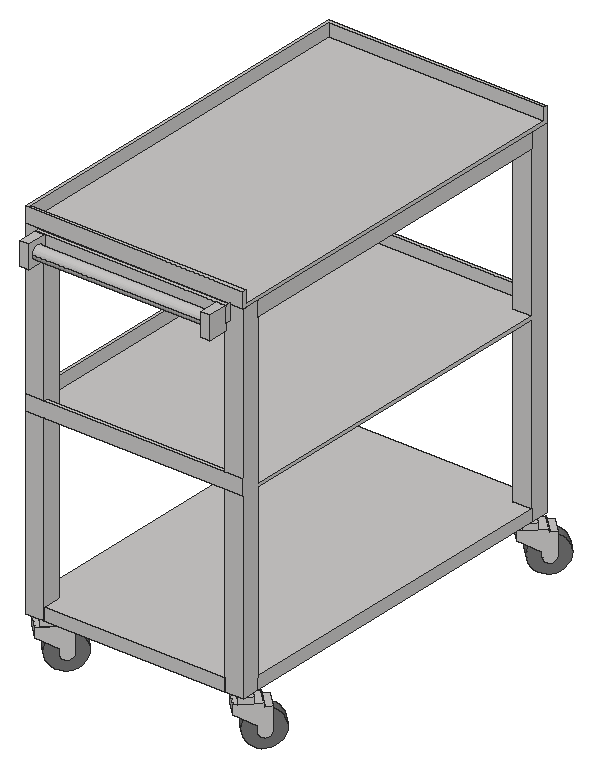
Revit family "QF_Vollrath_97126", category Specialty Equipment, Revit 2016
Family settings
  Part Type = Normal
  Round Connector Dimension = Use Diameter
  OmniClass Number = 23.40.40.14.17
  OmniClass Title = Food Cooking Equipment
  Work Plane-Based = No
  Always vertical = Yes
  Cut with Voids When Loaded = No
  Shared = No
  Room Calculation Point = No
Parameters (values of type "97126")
  Width [instance] = 17.75"
  Weight in Pounds = 43.25
  Watermarked By = "http://revitwatermark.com"
  URL Cutsheet = ""
  URL = ""
  Status [instance] = ""
  Specification by User [instance] = ""
  Specification by Manufacturer [instance] = ""
  Serial Number [instance] = ""
  Seismic Rating [instance] = ""
  Revision Code [instance] = ""
  NAFEM Spec ID Number [instance] = ""
  Model = "97126"
  Masterspec = ""
  Manufacturer = "Vollrath"
  Item Number [instance] = "-"
  Installed By [instance] = ""
  Identify Quantity as Lot [instance] = no
  Furnished By [instance] = ""
  Foodservice Equipment Identifier [instance] = yes
  Description = "Cart, Utility"
  Depth [instance] = 39.25"
  CSI MasterFormat = "11 48 13"
  Assembly Code = "E1090320"
Reference planes (in)
  plane 1 "BACK": y = -4.62
  plane 2: z = 0
  plane 3 "LEFT": x = 0
  plane 4 "RIGHT": x = 17.75
  plane 5 "--": y = -35.5
  plane 6: z = 4
  plane 7: z = 5
  plane 8: x = 1.5
  plane 9: y = -6.12
  plane 10: x = 16.25
  plane 11: y = -34
  plane 12: y = -20.06
  plane 13 "TOP": z = 33.75
  plane 14: x = 0.75
  plane 15 "FRONT": y = -37.47
  plane 16: z = 18.81
  plane 17: z = 20.06
  plane 18: x = 8.875
Forms (in)
  Extrusion 1, solid, material "QF_Finishes_Stainless Steel"
    sketch origin (0, 0, 16.75) x (-1, 0, 0) y (0, -1, 0)
      loop
        line (-1.5, 4.62) -> (-1.5, 6.12) -> (0, 6.12) -> (0, 34) -> (-1.5, 34) -> (-1.5, 35.5) -> (-16.25, 35.5) -> (-16.25, 34) -> (-17.75, 34) -> (-17.75, 6.12) -> (-16.25, 6.12) -> (-16.25, 4.62) -> (-1.5, 4.62)
    from -12.75 to -11.75
  Extrusion 2, solid, material "QF_Finishes_Stainless Steel"
    sketch origin (0, 0, 27.49) x (-1, 0, 0) y (0, -1, 0)
      loop
        line (-1.5, 35.5) -> (-16.25, 35.5) -> (-16.25, 34) -> (-17.75, 34) -> (-17.75, 6.12) -> (-16.25, 6.12) -> (-16.25, 4.62) -> (-1.5, 4.62) -> (-1.5, 6.12) -> (0, 6.12) -> (0, 34) -> (-1.5, 34) -> (-1.5, 35.5)
    from 3.76 to 5.01
  Sweep 3, solid, material "QF_Finishes_Stainless Steel"
    path origin (0, 0, 0) x (1, 0, 0) y (0, 1, 0)
      loop
        line (17.75, -35.5) -> (0, -35.5) -> (0, -4.62) -> (17.75, -4.62)
    profile origin (8.875, -4.62, 0) x (0, 1, 0) y (0, 0, 1)
      loop
        line (-2, 32.5) -> (0, 32.5) -> (0, 33.75) -> (-0.25, 33.75) -> (-0.25, 32.75) -> (-2, 32.75) -> (-2, 32.5)
  Extrusion 4, solid, material "QF_Finishes_Stainless Steel"
    sketch origin (0, 0, 17.87) x (-1, 0, 0) y (0, -1, 0)
      loop
        line (-1.5, 6.12) -> (-1.5, 34) -> (-17.75, 34) -> (-17.75, 6.12) -> (-1.5, 6.12)
    from 14.63 to 14.88
  Extrusion 5, solid, material "QF_Finishes_Stainless Steel"
    sketch origin (14, 0, 16.75) x (-1, 0, 0) y (0, -1, 0)
      loop
        line (-2.25, 4.62) -> (-2.25, 6.12) -> (-3.75, 6.12) -> (-3.75, 4.62) -> (-2.25, 4.62)
    from -12.75 to 15.75
  Extrusion 6, solid, material "QF_Finishes_Stainless Steel"
    sketch origin (0, -26.05109, 16.75) x (-1, 0, 0) y (0, -1, 0)
      loop
        line (0, 7.94) -> (0, 9.44) -> (-1.5, 9.44) -> (-1.5, 7.94) -> (0, 7.94)
    from -12.75 to 15.75
  Extrusion 7, solid, material "QF_Finishes_Stainless Steel"
    sketch origin (14, -26.05109, 16.75) x (-1, 0, 0) y (0, -1, 0)
      loop
        line (-2.25, 7.94) -> (-2.25, 9.44) -> (-3.75, 9.44) -> (-3.75, 7.94) -> (-2.25, 7.94)
    from -12.75 to 15.75
  Sweep 8, solid, material "QF_Finishes_Stainless Steel"
    path origin (0, 0, -12.57) x (1, 0, 0) y (0, 1, 0)
      loop
        line (17.75, -35.5) -> (0, -35.5) -> (0, -4.62) -> (17.75, -4.62)
    profile origin (8.875, -4.62, -12.57) x (0, 1, 0) y (0, 0, 1)
      loop
        line (-2, 31.38) -> (0, 31.38) -> (0, 32.63) -> (-0.25, 32.63) -> (-0.25, 31.63) -> (-2, 31.63) -> (-2, 31.38)
  Extrusion 9, solid, material "QF_Finishes_Stainless Steel"
    sketch origin (0, 0, 17.31) x (-1, 0, 0) y (0, -1, 0)
      loop
        line (-0.25, 4.87) -> (-0.25, 35.25) -> (-17.75, 35.25) -> (-17.75, 4.87) -> (-0.25, 4.87)
    from 1.75 to 1.5
  Extrusion 10, solid, material "QF_Finishes_Stainless Steel"
    sketch origin (0, 0, 16.75) x (-1, 0, 0) y (0, -1, 0)
      loop
        line (0, 4.62) -> (0, 6.12) -> (-1.5, 6.12) -> (-1.5, 4.62) -> (0, 4.62)
    from -12.75 to 15.75
  Extrusion 11, solid, material "QF_Finishes_Stainless Steel"
    sketch origin (1.125, -3.38, 1.11535) x (0, 1, 0) y (0, 0, 1)
      loop
        line (-32.12, 31.38) -> (-32.49962, 31.38) -> (-32.49962, 30.13) -> (-32.12, 30.13) -> (-32.12, 31.38)
    from 0 to 15.5
  Extrusion 12, solid, material "QF_Finishes_Stainless Steel"
    sketch origin (1.125, -3.38, 1.11535) x (0, 1, 0) y (0, 0, 1)
      loop
        line (-32.49962, 31.38) -> (-34.09, 31.38) -> (-34.09, 29.51992) -> (-32.49962, 29.51992) -> (-32.49962, 31.38)
    from 0 to 0.75
  Extrusion 13, solid, material "QF_Finishes_Stainless Steel"
    sketch origin (16.625, -3.38, 1.11535) x (0, 1, 0) y (0, 0, -1)
      loop
        line (-32.49962, -31.38) -> (-32.49962, -29.51992) -> (-34.09, -29.51992) -> (-34.09, -31.38) -> (-32.49962, -31.38)
    from 0 to 0.75
  Extrusion 14, solid, material "QF_Finishes_Stainless Steel"
    sketch origin (1.125, -3.38, 1.11535) x (0, 1, 0) y (0, 0, 1)
      loop
        circle (-33.32708, 30.51019) r 0.5
    from 0.75 to 14.75
Cuts and joins
  joined: Sweep 3, Extrusion 4
  joined: Extrusion 5, Extrusion 6, Extrusion 7, Sweep 8, Extrusion 9, Extrusion 10
Lines and regions (in)
  symbolic lines
    curve 1: line (0, -4.62, 16.75) -> (0, -35.49109, 16.75)
    curve 2: line (17.75, -4.62, 16.75) -> (0, -4.62, 16.75)
    curve 3: line (0, -35.49109, 16.75) -> (1.5, -35.49109, 16.75)
    curve 4: line (16.625, -35.5, 16.75) -> (1.125, -35.5, 16.75)
    curve 5: line (16.25, -35.49109, 16.75) -> (17.75, -35.49109, 16.75)
    curve 6: line (17.75, -35.49109, 16.75) -> (17.75, -4.62, 16.75)
    curve 7: line (16.625, -37.47, 16.75) -> (16.625, -35.87962, 16.75)
    curve 8: line (16.625, -35.87962, 16.75) -> (16.625, -35.5, 16.75)
    curve 9: line (15.875, -35.87962, 16.75) -> (15.875, -37.47, 16.75)
    curve 10: line (15.875, -37.47, 16.75) -> (16.625, -37.47, 16.75)
    curve 11: line (1.125, -35.87962, 16.75) -> (16.625, -35.87962, 16.75)
    curve 12: line (1.875, -37.47, 16.75) -> (1.875, -35.87962, 16.75)
    curve 13: line (1.125, -35.87962, 16.75) -> (1.125, -37.47, 16.75)
    curve 14: line (1.125, -35.5, 16.75) -> (1.125, -35.87962, 16.75)
    curve 15: line (1.125, -37.47, 16.75) -> (1.875, -37.47, 16.75)
    curve 16: line (15.875, -37.22, 16.75) -> (1.875, -37.22, 16.75)
    curve 17: line (17.75, -4.87, 16.75) -> (0.25, -4.87, 16.75)
    curve 18: line (0.25, -4.87, 16.75) -> (0.25, -35.25, 16.75)
    curve 19: line (0.25, -35.25, 16.75) -> (17.75, -35.25, 16.75)
    curve 20: line (1.875, -36.12962, 16.75) -> (15.875, -36.12962, 16.75)
Dimensions and locks (in)
  "Width": plane 3 "LEFT" to plane 4 "RIGHT"
  plane 9 to plane 1 "BACK" = 1.50"
  locked: plane 5 "--" to plane 11 at 1.5
  plane 3 "LEFT" to plane 8 = 1.50"
  plane 10 to plane 4 "RIGHT" = 1.50"
  plane 13 "TOP" to level = 33.75"
  equal spacing: plane 1 "BACK", plane 12, plane 5 "--"
  locked: plane 7 to plane 6 at 1
  level to Extrusion 1 = 5.00"
  locked: plane 17 to plane 16 at 1.25
  plane 16 to plane 7 = 13.81"
  equal spacing: plane 4 "RIGHT", plane 18, plane 3 "LEFT"
  plane 15 "FRONT" to plane 12 = 17.41"
  plane 15 "FRONT" to plane 1 "BACK" = 32.85"
  plane 5 "--" to plane 1 "BACK" = 30.88"
  plane 16 to level = 18.81"
  aligned and locked: level to plane 2
  aligned and locked: plane 7 to Extrusion 1
  aligned and locked: Extrusion 1 to plane 6
  aligned and locked: plane 1 "BACK" to Sweep 3 sketch curve
  aligned and locked: plane 3 "LEFT" to Sweep 3 sketch curve
  aligned and locked: Sweep 3 sketch curve to plane 5 "--"
  aligned: Extrusion 10 sketch curve to cut or joined group of Sweep 3, Extrusion 4
  aligned: cut or joined group of Sweep 3, Extrusion 4 to Extrusion 10 sketch curve
  aligned and locked: Extrusion 10 sketch curve to Extrusion 1
  aligned and locked: Extrusion 1 to Extrusion 10 sketch curve
Automatic sketch dimensions
  Extrusion 1 sketch curve to plane 4 "RIGHT" = 0.00"
  Extrusion 1 sketch curve to plane 10 = 0.00"  (x2)
  plane 1 "BACK" to Extrusion 1 sketch curve = 0.00"
  Extrusion 1 sketch curve to plane 8 = 0.00"  (x2)
  plane 5 "--" to Extrusion 1 sketch curve = 0.00"
  Extrusion 1 sketch curve to plane 3 "LEFT" = 0.00"
  plane 9 to Extrusion 1 sketch curve = 0.00"  (x2)
  plane 11 to Extrusion 1 sketch curve = 0.00"  (x2)
  Extrusion 2 sketch curve to plane 4 "RIGHT" = 0.00"
  Extrusion 2 sketch curve to plane 10 = 0.00"  (x2)
  plane 9 to Extrusion 2 sketch curve = 0.00"  (x2)
  plane 1 "BACK" to Extrusion 2 sketch curve = 0.00"
  Extrusion 2 sketch curve to plane 8 = 0.00"  (x2)
  Extrusion 2 sketch curve to plane 3 "LEFT" = 0.00"
  plane 11 to Extrusion 2 sketch curve = 0.00"  (x2)
  plane 5 "--" to Extrusion 2 sketch curve = 0.00"
  Sweep 3 sketch curve to profile plane = 0.00"
  profile plane to Sweep 3 sketch curve = 0.25"
  Sweep 3 sketch curve to Sweep 3 sketch curve = 1.75"
  level to Sweep 3 sketch curve = 32.50"
  Sweep 3 sketch curve to Sweep 3 sketch curve = 0.25"
  Sweep 3 sketch curve to Sweep 3 sketch curve = 1.00"
  Extrusion 4 sketch curve to plane 4 "RIGHT" = 0.00"
  Extrusion 4 sketch curve to plane 8 = 0.00"
  plane 9 to Extrusion 4 sketch curve = 0.00"
  plane 11 to Extrusion 4 sketch curve = 0.00"
  plane 1 "BACK" to Extrusion 5 sketch curve = 0.00"
  Extrusion 5 sketch curve to plane 4 "RIGHT" = 0.00"
  plane 9 to Extrusion 5 sketch curve = 0.00"
  Extrusion 5 sketch curve to plane 10 = 0.00"
  Extrusion 6 sketch curve to plane 8 = 0.00"
  Extrusion 6 sketch curve to plane 3 "LEFT" = 0.00"
  Extrusion 6 sketch curve to plane 11 = 0.00891"
  Extrusion 6 sketch curve to plane 5 "--" = 0.00891"
  Extrusion 7 sketch curve to plane 4 "RIGHT" = 0.00"
  Extrusion 7 sketch curve to plane 10 = 0.00"
  Extrusion 7 sketch curve to plane 11 = 0.00891"
  Extrusion 7 sketch curve to plane 5 "--" = 0.00891"
  Sweep 8 sketch curve to plane 3 "LEFT" = 0.00"
  Sweep 8 sketch curve to plane 4 "RIGHT" = 0.00"  (x2)
  plane 1 "BACK" to Sweep 8 sketch curve = 0.00"
  plane 5 "--" to Sweep 8 sketch curve = 0.00"
  Sweep 8 sketch curve to profile plane = 0.00"
  profile plane to Sweep 8 sketch curve = 0.25"
  Sweep 8 sketch curve to Sweep 8 sketch curve = 1.75"
  profile plane to Sweep 8 sketch curve = 31.38"
  Sweep 8 sketch curve to Sweep 8 sketch curve = 0.25"
  Sweep 8 sketch curve to Sweep 8 sketch curve = 1.00"
  Extrusion 9 sketch curve to plane 4 "RIGHT" = 0.00"
  plane 3 "LEFT" to Extrusion 9 sketch curve = 0.25"
  plane 1 "BACK" to Extrusion 9 sketch curve = 0.25"
  Extrusion 9 sketch curve to plane 5 "--" = 0.25"
  Sweep 3 sketch curve to plane 4 "RIGHT" = 0.00"  (x2)
  plane 1 "BACK" to Extrusion 10 sketch curve = 0.00"
  plane 3 "LEFT" to Extrusion 10 sketch curve = 0.00"
  Extrusion 11 sketch curve to plane 5 "--" = 0.00"
  plane 5 "--" to Extrusion 11 sketch curve = 0.37962"
  Extrusion 11 sketch curve to plane 13 "TOP" = 2.50465"
  Extrusion 11 sketch curve to Extrusion 11 sketch curve = 1.25"
  Extrusion 12 sketch curve to plane 15 "FRONT" = 0.00"
  plane 5 "--" to Extrusion 12 sketch curve = 0.37962"
  Extrusion 12 sketch curve to plane 13 "TOP" = 3.11472"
  Extrusion 12 sketch curve to plane 13 "TOP" = 1.25465"
  Extrusion 13 sketch curve to plane 15 "FRONT" = 0.00"
  plane 5 "--" to Extrusion 13 sketch curve = 0.37962"
  Extrusion 13 sketch curve to plane 13 "TOP" = 1.25465"
  Extrusion 13 sketch curve to Extrusion 13 sketch curve = 1.86008"
  plane 15 "FRONT" to Extrusion 14 sketch curve = 0.76292"
  Extrusion 14 sketch curve to plane 13 "TOP" = 2.12445"
  plane 1 "BACK" to curve 6 = 0.00"
  curve 6 to plane 4 "RIGHT" = 0.00"
  curve 10 to plane 15 "FRONT" = 0.00"
  plane 5 "--" to curve 4 = 0.00"
  curve 5 to plane 10 = 0.00"
  curve 15 to plane 15 "FRONT" = 0.00"
  curve 3 to plane 8 = 0.00"
  curve 2 to plane 3 "LEFT" = 0.00"
  plane 10 to curve 10 = 0.375"
  curve 20 to plane 10 = 0.375"
  plane 8 to curve 16 = 0.375"
  curve 14 to plane 8 = 0.375"
  plane 3 "LEFT" to curve 17 = 0.25"
  curve 2 to curve 17 = 0.25"
  curve 19 to plane 5 "--" = 0.25"
  curve 3 to plane 5 "--" = 0.00891"
  curve 5 to plane 5 "--" = 0.00891"
  plane 5 "--" to curve 11 = 0.37962"
  curve 9 to curve 20 = 0.25"
  plane 15 "FRONT" to curve 16 = 0.25"
  radius of Extrusion 14 sketch curve = 0.50"
Nested families (in)
  nested 1: "FESCaster" at (1.25, -5.60981, 0), type "FESCaster"
    with Height 4.00", Caster Radius 1.50"
  nested 2: "FESCaster" at (17.12136, -5.60981, 0), type "FESCaster"
    with Height 4.00", Caster Radius 1.50"
  nested 3: "FESCaster" at (17.12136, -34.61977, 0), type "FESCaster"
    with Height 4.00", Caster Radius 1.50"
  nested 4: "FESCaster" at (1, -34.61977, 0), type "FESCaster"
    with Height 4.00", Caster Radius 1.50"
Definition of nested family "FESCaster"
  Parameters
    Watermarked By = "http://revitwatermark.com"
    Type Comments = "⍁⍉⌁⌀⏭⎽⌇⍠⌜⍉⎖⌥⌦⌯⍭⏊⍻⍿⍊⏵⍊⏗⏠⍴⎡⌈⎀⍠⌓⌤⏘⎐⍀⌐⏬⏁⎈⏍⏦⎒⏬⌝⍩⍇⌣〈⎫〉⎁⏊⍥⍖⍥⍝⍦⌖⍀⏌⏭⎝⎼⏷⏞⍻⏯⎽⏷⏞⍻⏯⎽⏷⎺⌻⎝⍎⌧⏷⏟⏿⌿⍜⍦⍤⌁⍬⏶⏎⍊⏚⏉⎞⌡⎀⎪⏈⌟⌿⍾⍼⌟⌿⌢⌞⏞⏝⌻⎸⎻⎷⎳⎻⎛⌞⌼⏚⍿⏸⍨⏷⍡⍺⏼⏅⎏⌽⌻⍽⎝⍮⎧⍏⏳⏲⎼⏈⏋⏙⎏⏽⏘⍹⏞⌜⏼⍴⏶⏮⏿⌁"
    Height [instance] = 6.00"
    Caster Radius [instance] = if(Height < 3.00", 1.00", (Height / 2) - 0.50")  # 2.50"
    Assembly Code = ""
  Reference planes (in)
    plane 1 "Center (Front/Back)": y = 0
    plane 2: z = 0
    plane 3 "Center (Left/Right)": x = 0
    plane 4: z = 6
    plane 5: z = 5.5
  Forms (in)
    Extrusion 1, solid
      sketch origin (-24.12131, -22.88887, 10.18833) x (0.707107, 0.707107, 0) y (0, 0, 1)
        loop
          line (34.98772, -7.68833) -> (34.98772, -4.93833) -> (34.48772, -4.93833) -> (34.39402, -4.68833) -> (32.39402, -4.68833) -> (32.39402, -5.43833) -> (33.98772, -7.34206) -> (33.98772, -7.68833)
          arc (33.98772, -7.68833) -> (34.48772, -8.18833) -> (34.98772, -7.68833) r 0.5
      from 0 to 1.75
    Extrusion 2, solid
      sketch origin (-24.32327, -23.09083, 13.31461) x (0.707107, 0.707107, 0) y (0, 0, 1)
        loop
          circle (34.77334, -10.81461) r 2.5
      from 0.375 to 1.375
    Extrusion 3, solid
      sketch origin (-7.24148, -8.48391, 0) x (0.707107, 0.707107, 0) y (0, 0, 1)
        loop
          line (10.61603, 5.5) -> (11.61603, 5.5) -> (11.61603, 6) -> (10.61603, 6) -> (10.61603, 5.5)
      from 0 to -1.75
  Lines and regions (in)
    symbolic lines
      curve 1: line (-1.26158, -0.51911, 0) -> (1.39007, 2.13254, 0)
      curve 2: line (-0.53429, -1.24639, 0) -> (2.11736, 1.40526, 0)
      curve 3: line (-1.26158, -0.51911, 0) -> (1.39007, 2.13254, 0)
      curve 4: line (-0.53429, -1.24639, 0) -> (2.11736, 1.40526, 0)
  Dimensions and locks (in)
    locked: plane 4 to plane 5 at 0.5
    "Height": plane 4 to level
    "Caster Radius": Extrusion 2 sketch curve to level
    "Caster Radius": Extrusion 1 sketch curve to level
    "Caster Radius": radius of Extrusion 2 sketch curve
    aligned and locked: plane 2 to level
    aligned and locked: Extrusion 3 to plane 5
    aligned and locked: plane 4 to Extrusion 3
    aligned and locked: plane 5 to Extrusion 1
  Automatic sketch dimensions
    plane 1 "Center (Front/Back)" to curve 3 = 0.51911"
    curve 3 to plane 3 "Center (Left/Right)" = 1.26158"
    plane 1 "Center (Front/Back)" to curve 1 = 0.51911"
    curve 1 to curve 3 = 0.00"  (x3)
    curve 4 to plane 3 "Center (Left/Right)" = 0.53429"
    curve 2 to curve 4 = 0.00"  (x2)
    plane 3 "Center (Left/Right)" to curve 3 = 1.39007"
    curve 1 to curve 4 = 0.72729"
    curve 2 to curve 1 = 0.72729"
    curve 4 to curve 2 = 0.00"  (x2)
    curve 2 to plane 1 "Center (Front/Back)" = 1.40526"
    curve 2 to curve 3 = 0.72729"
    plane 5 to Extrusion 1 sketch curve = 0.00"
    Extrusion 1 sketch curve to Extrusion 1 sketch curve = 1.5937"
    Extrusion 1 sketch curve to Extrusion 1 sketch curve = 2.00"
    Extrusion 1 sketch curve to Extrusion 1 sketch curve = 0.0937"
    Extrusion 1 sketch curve to Extrusion 1 sketch curve = 0.50"
    Extrusion 1 sketch curve to Extrusion 1 sketch curve = 0.34627"
    Extrusion 1 sketch curve to plane 5 = 0.75"
    Extrusion 1 sketch curve to plane 5 = 0.25"
    Extrusion 3 sketch curve to plane 5 = 0.00"
    plane 4 to Extrusion 3 sketch curve = 0.00"
    Extrusion 3 sketch curve to Extrusion 3 sketch curve = 1.00"
